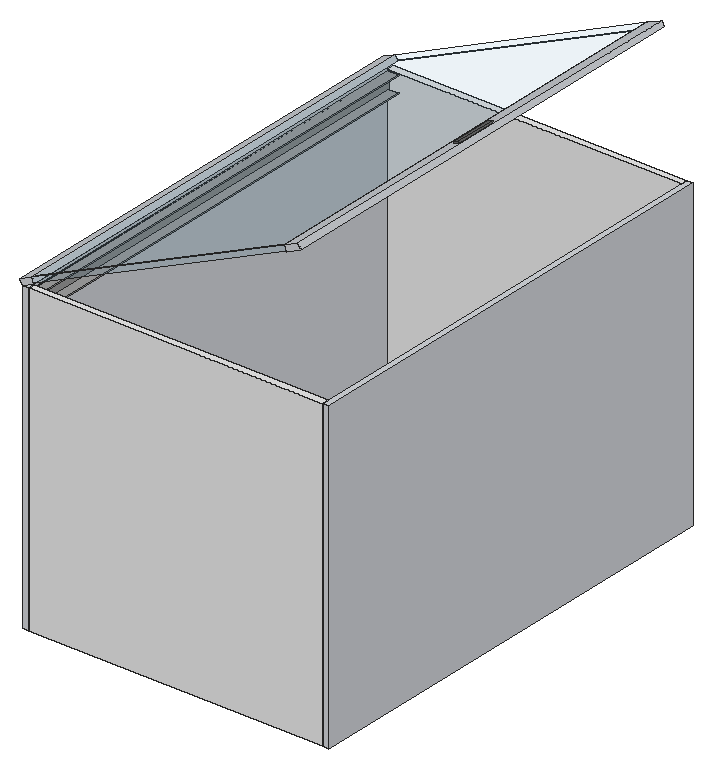
Revit family "Domotics-CablaggioStrutturato-GEWISS-QUADRI_PAVIMENTO_19_24U_P800", category Apparecchi elettrici, host Superficie, Revit 2019
Family settings
  Host = Superficie
  Mantenere orientamento annotazione = Sì
  Quota connettore circolare = Usa diametro
  Tipo di parte = Normale
  Numero OmniClass = 23.80.30.00
  Titolo OmniClass = Distribution Devices
  Taglio con vuoti quando caricato = No
  Condiviso = No
  Punto di calcolo locali = Sì
Parameters (values of type "GW38461 - ARMADIO DA PAVIMENTO 19 24U 800x800MM")
  simbolo in pianta [instance] = yes
  n_poli = 1
  barra din = yes
  Visibilità sportello [instance] = yes
  Versione file RFA = "21.2"
  UnitÃ  di cablaggio = "24 U"
  URL = "https://www.gewiss.com/it/it"
  Tipologia porta = "Reversibile"
  Scheda Tecnica = "https://www.gewiss.com/it/it/search?q=GW38461"
  SEO = "Armadio LAN"
  Prospetto di default = 900 mm
  ProfonditÃ  (mm) = "800 mm"
  Produttore = "GEWISS S.p.A."
  Portata statica = "1000KG"
  Nome quadro [instance] = "n.quadro"
  N. montanti = "4"
  Modello = "GW38461"
  Materiale = "Acciaio"
  Immagine tipo = C.jpg
  IDT = "4a81b2fef4e14150ba3faaee316000c9"
  IDF = "d9b98993-1b55-467b-890e-37d948b7999a"
  Grado di protezione = "IP20"
  Finitura = "Bucciata"
  Distanza_x [instance] = 300 mm
  Distanza simbolo [instance] = 0 mm
  Distanza effettiva x [instance] = 1000 mm - Distanza_x  # 700 mm
  Dim. esterne BxHxP (mm) = "800x1185x800"
  Descrizione = "ARMADIO DA PAVIMENTO 19 24U 800x800MM"
  Creato da GEWISS S.p.A. = ""
  Colore = "Grigio (RAL 7035)"
  Codice Electrocod = "3752"
  Categoria = "Armadio da pavimento 19\""
  Catalogo = "DOMOTICS"
  COBie.Tagnumber = ""
  COBie.CreatedOn = ""
  COBie.CreatebBy = ""
  COBie.ComponentRegisterItemID = ""
  COBie.Component.TagNumber = ""
  COBie.Component.Space = ""
  COBie.Component.SerialNumber = ""
  COBie.Component.InstallationDate = ""
  COBie.Component.Description = ""
  COBie.Component.BarCode = ""
  Apertura porta = "135°"
  Apertura [instance] = 25.00°
Reference planes
  plane 1 "Centro (Fronte/Retro)": y = 0
  plane 2: z = 0
  plane 3 "Centro (Sinistra/Destra)": x = 0
  plane 4: x = -1380.34
  plane 5: x = -680.34
Forms (mm)
  Extrusion 1, solid, detail levels coarse
    sketch origin (0, 0, 0) x (1, 0, 0) y (0, 1, 0)
      loop
        line (783.5, 0) -> (783.5, 1185) -> (-16.5, 1185) -> (-16.5, 0) -> (783.5, 0)
    from 0 to 600
Dimensions and locks
  plane 4 to plane 3 "Centro (Sinistra/Destra)" = 1380.34 mm
  "Distanza effettiva x": plane 4 to plane 5
  aligned and locked: host face to plane 2
  aligned and locked: host face to level
  aligned and locked: plane 1 "Centro (Fronte/Retro)" to nested 1
  aligned and locked: nested 2 to plane 5
  aligned and locked: Extrusion 1 sketch curve to nested 1  (x4)
  aligned and locked: plane 3 "Centro (Sinistra/Destra)" to nested 1
  aligned and locked: nested 1 to host face
Automatic sketch dimensions
  host sketch curve to host sketch curve = 3398.537 mm
  host sketch curve to host sketch curve = 3619.2 mm
Nested families
  nested 1: "DATACENTER ARMADIO PARETE 24U P800mm_base" at (-16.5, 0, 0), Apertura <- "Apertura", Sportello <- "Visibilità sportello", visible <- "Visibilità sportello", Barra din <- "barra din", Sportello visibile <- "Visibilità sportello", type "DATACENTER ARMADIO PARETE 24U P800mm_base", detail levels medium+fine
    with Sportello visibile yes, Sportello yes, Barra din yes, Apertura 25.00°
  nested 2: "DATACENTERsimbolo" at (-680.34, 911.19, 0), Distanza dal muro <- "Distanza simbolo", SIMBOLO ACCESO <- "simbolo in pianta", visible <- "simbolo in pianta", type "3P"
    with SIMBOLO ACCESO yes, Distanza dal muro 0 mm
Connectors
  electrical at (383.5, 592.5, 0), driven by "n_poli"
    settings: on nested 1, index 1, voltage 0 V, apparent load 0 VA, apparent load phase1 0 VA, apparent load phase2 0 VA, apparent load phase3 0 VA, power factor 1, load classification "Altro", number of poles 1, system type 31, power factor state 1, is connector primary yes, connector utility no, sub classification motor no, connector description ""
Definition of nested family "DATACENTER ARMADIO PARETE 24U P800mm_base"
  Parameters (values of type "DATACENTER ARMADIO PARETE 24U P800mm_base")
    Struttura = none
    Sportello_vetro = none
    Sportello visibile [instance] = yes
    Sportello lato = none
    Sportello [instance] = yes
    Profondità quadro = 800 mm  # constant formula
    L_quadro = 800 mm  # constant formula
    Barra din [instance] = yes
    Altezza quadro = 1185 mm  # constant formula
    Apertura [instance] = 32.00°
  Reference planes
    plane 1 "Centro (Fronte/Retro)": y = 0
    plane 2: z = 0
    plane 3 "Centro (Sinistra/Destra)": x = 0
    plane 4: x = 800
    plane 5: y = 1185
    plane 6: x = 16.5
    plane 7: y = 1168.5
    plane 8: y = 16.5
    plane 9: x = 783.5
    plane 10: z = 800
    plane 11: z = 16.5
    plane 12: x = 46.5
    plane 13: x = 18.5
    plane 14: z = 796
    plane 15: z = 751
    plane 16: z = 794
    plane 17: x = 20.5
    plane 18: z = 753
    plane 19: x = 44.5
    plane 20: z = 18.5
    plane 21: z = 63.5
    plane 22: z = 61.5
    plane 23: z = 20.5
  Forms (mm)
    Extrusion 1, solid, material <- "Struttura"
      sketch origin (0, 0, 0) x (1, 0, 0) y (0, 1, 0)
        loop
          line (16.5, 1168.5) -> (783.5, 1168.5) -> (783.5, 1185) -> (16.5, 1185) -> (16.5, 1168.5)
      from 0 to 800
    Extrusion 2, solid
      sketch origin (0, 0, 0) x (1, 0, 0) y (0, 1, 0)
        loop
          line (16.5, 1168.5) -> (16.5, 16.5) -> (783.5, 16.5) -> (783.5, 1168.5) -> (16.5, 1168.5)
      from 0 to 16.5
    Extrusion 3, solid
      sketch origin (458.466, 0, 1086.482) x (-0.848048, 0, -0.529919) y (0, -1, 0)
        loop
          line (-259.386, 0) -> (-259.386, -1185) -> (-220.759, -1185) -> (-220.759, 0) -> (-259.386, 0)
        loop
          line (540.614, -1185) -> (540.614, 0) -> (506.604, 0) -> (506.604, -1185) -> (540.614, -1185)
      from 0 to 15
    Extrusion 4, solid, material <- "Sportello_vetro", visible <- "Sportello visibile"
      sketch origin (458.466, 0, 1086.482) x (-0.848048, 0, -0.529919) y (0, -1, 0)
        loop
          line (506.604, 0) -> (-220.759, 0) -> (-220.759, -1185) -> (506.604, -1185) -> (506.604, 0)
      from 0 to 15
    Extrusion 5, solid
      sketch origin (0, 0, 0) x (1, 0, 0) y (0, 1, 0)
        loop
          line (0, 1185) -> (0, 0) -> (16.5, 0) -> (16.5, 1185) -> (0, 1185)
        loop
          line (800, 0) -> (800, 1185) -> (783.5, 1185) -> (783.5, 0) -> (800, 0)
      from 0 to 800
    Extrusion 6, solid, material <- "Struttura"
      sketch origin (0, 400, 0) x (1, 0, 0) y (0, 1, 0)
        loop
          line (16.5, -383.5) -> (16.5, -400) -> (783.5, -400) -> (783.5, -383.5) -> (16.5, -383.5)
      from 0 to 800
    Extrusion 7, solid
      sketch origin (458.466, 0, 1086.482) x (-0.848048, 0, -0.529919) y (0, -1, 0)
        loop
          line (-234.386, -647.5) -> (-234.386, -537.5) -> (-249.386, -537.5) -> (-249.386, -647.5) -> (-234.386, -647.5)
      from 2.698 to 17.686
    Extrusion 8, solid, visible <- "Barra din"
      sketch origin (0, 0, 0) x (1, 0, 0) y (0, 0, 1)
        loop
          line (46.5, 796) -> (18.5, 796) -> (18.5, 751) -> (46.5, 751) -> (46.5, 753) -> (20.5, 753) -> (20.5, 794) -> (46.5, 794) -> (46.5, 796)
      from -1168.5 to -16.5
    Extrusion 9, solid, visible <- "Barra din"
      sketch origin (0, 0, 600) x (1, 0, 0) y (0, 0, 1)
        loop
          line (46.5, -581.5) -> (46.5, -579.5) -> (20.5, -579.5) -> (20.5, -538.5) -> (46.5, -538.5) -> (46.5, -536.5) -> (18.5, -536.5) -> (18.5, -581.5) -> (46.5, -581.5)
      from -1168.5 to -16.5
  Lines and regions (mm)
    reference lines
      curve 1: line (458.466, 0, 1086.482) -> (0, 0, 800)
  Dimensions and locks
    "L_quadro": plane 3 "Centro (Sinistra/Destra)" to plane 4
    "Altezza quadro": plane 1 "Centro (Fronte/Retro)" to plane 5
    locked: plane 5 to plane 7 at 16.5
    locked: plane 9 to plane 4 at 16.5
    locked: plane 3 "Centro (Sinistra/Destra)" to plane 6 at 16.5
    locked: plane 1 "Centro (Fronte/Retro)" to plane 8 at 16.5
    "Profondità quadro": plane 10 to plane 2
    locked: plane 11 to level at 16.5
    locked: plane 6 to plane 12 at 30
    locked: Extrusion 3 sketch curve to Extrusion 3 sketch curve at 38.628
    locked: Extrusion 3 sketch curve to Extrusion 3 sketch curve at 34.009
    "L_quadro": Extrusion 3 sketch curve to Extrusion 3 sketch curve
    "Altezza quadro": Extrusion 3 sketch curve to Extrusion 3 sketch curve  (x2)
    "Altezza quadro": Extrusion 4 sketch curve to Extrusion 4 sketch curve
    Extrusion 7 sketch curve to Extrusion 7 sketch curve = 15 mm
    Extrusion 3 to Extrusion 3 = 1185 mm
    locked: plane 13 to plane 6 at 2
    locked: plane 10 to plane 14 at 4
    locked: plane 14 to plane 16 at 2
    locked: plane 18 to plane 15 at 2
    locked: plane 14 to plane 15 at 45
    locked: plane 23 to plane 20 at 2
    "Apertura": angle plane 10 to curve 1
    aligned and locked: level to plane 2
    aligned and locked: Extrusion 1 sketch curve to plane 7
    aligned and locked: Extrusion 1 sketch curve to plane 5
    aligned and locked: Extrusion 1 sketch curve to plane 6
    aligned and locked: Extrusion 1 sketch curve to plane 9
    aligned and locked: plane 10 to Extrusion 1
    aligned and locked: Extrusion 2 sketch curve to plane 6
    aligned and locked: Extrusion 2 sketch curve to plane 7
    aligned and locked: Extrusion 2 sketch curve to plane 9
    aligned and locked: Extrusion 2 sketch curve to plane 8
    aligned and locked: plane 11 to Extrusion 2
    aligned and locked: curve 1 to Extrusion 1
    aligned and locked: plane 10 to curve 1
    aligned and locked: Extrusion 3 sketch curve to plane 5
    aligned and locked: Extrusion 3 sketch curve to plane 1 "Centro (Fronte/Retro)"
    aligned and locked: Extrusion 4 sketch curve to curve 1
    aligned and locked: Extrusion 4 sketch curve to Extrusion 3  (x2)
    aligned and locked: Extrusion 5 sketch curve to plane 3 "Centro (Sinistra/Destra)"
    aligned and locked: Extrusion 5 sketch curve to plane 6
    aligned and locked: Extrusion 5 sketch curve to plane 4
    aligned and locked: Extrusion 5 sketch curve to plane 9
    aligned and locked: Extrusion 5 sketch curve to plane 5
    aligned and locked: Extrusion 5 sketch curve to plane 1 "Centro (Fronte/Retro)"
    aligned and locked: plane 10 to Extrusion 5
    aligned and locked: plane 8 to Extrusion 6 sketch curve
    aligned and locked: plane 1 "Centro (Fronte/Retro)" to Extrusion 6 sketch curve
    aligned and locked: plane 9 to Extrusion 6 sketch curve
    aligned and locked: plane 6 to Extrusion 6 sketch curve
    aligned and locked: Extrusion 8 sketch curve to plane 14
    aligned and locked: Extrusion 8 sketch curve to plane 13
    aligned and locked: Extrusion 8 sketch curve to plane 15
    aligned and locked: Extrusion 8 sketch curve to plane 18
    aligned and locked: Extrusion 8 sketch curve to plane 17
    aligned and locked: Extrusion 8 sketch curve to plane 12
    aligned and locked: Extrusion 8 sketch curve to plane 16
    aligned and locked: Extrusion 8 to Extrusion 1
    aligned and locked: Extrusion 8 to Extrusion 6
    aligned and locked: plane 21 to Extrusion 9 sketch curve
    aligned and locked: plane 22 to Extrusion 9 sketch curve
    aligned and locked: plane 23 to Extrusion 9 sketch curve
    aligned and locked: plane 20 to Extrusion 9 sketch curve
    aligned and locked: plane 17 to Extrusion 9 sketch curve
    aligned and locked: plane 13 to Extrusion 9 sketch curve
    aligned and locked: Extrusion 2 to Extrusion 9
    aligned and locked: Extrusion 9 to Extrusion 1
    aligned and locked: Extrusion 6 to Extrusion 1
  Automatic sketch dimensions
    plane 1 "Centro (Fronte/Retro)" to Extrusion 5 sketch curve = 0 mm
    Extrusion 5 sketch curve to plane 5 = 0 mm
    Extrusion 8 sketch curve to plane 12 = 0 mm
    Extrusion 9 sketch curve to plane 12 = 0 mm  (x2)
    Extrusion 7 sketch curve to curve 1 = 249.386 mm
    Extrusion 7 sketch curve to Extrusion 7 sketch curve = 15 mm
    Extrusion 7 sketch curve to curve 1 = 647.5 mm
    Extrusion 7 sketch curve to Extrusion 7 sketch curve = 110 mm
    curve 1 to plane 3 "Centro (Sinistra/Destra)" = 0 mm
    Extrusion 3 sketch curve to curve 1 = 0 mm
Definition of nested family "DATACENTERsimbolo"
  Parameters (values of type "3P")
    SIMBOLO ACCESO [instance] = yes
    Distanza dal muro [instance] = 0 mm
  Reference planes
    plane 1: y = 0
    plane 2: x = 0
  Dimensions and locks
    "Distanza dal muro": plane 1 to nested 1
    aligned and locked: plane 2 to nested 1
  Nested families
    nested 1: "DATACENTERsimbolo.base" at (0, 0, 0), type "3P"
      with CORNICE SIMBOLO yes
  Definition of nested family "DATACENTERsimbolo.base"
    Parameters (values of type "3P")
      Testo = ""
      CORNICE SIMBOLO [instance] = yes
      3P = yes
    Reference planes
      plane 1: y = 0
      plane 2: x = 0
    Lines and regions (mm)
      detail lines
        curve 1: line (6.852, 3.426, 0) -> (8.859, 3.426, 0)
        curve 2: line (8.859, 3.426, 0) -> (8.859, 0, 0)
        curve 3: line (8.859, 0, 0) -> (6.852, 0, 0)
        curve 4: line (6.852, 0, 0) -> (0, 3.426, 0)
        curve 5: line (0, 3.426, 0) -> (3.027, 3.426, 0)
        curve 6: line (3.027, 3.426, 0) -> (6.852, 3.426, 0)
        curve 7: line (6.852, 3.426, 0) -> (6.852, 0, 0)
        curve 8: line (6.852, 0, 0) -> (0, 0, 0)
        curve 9: line (0, 0, 0) -> (0, 3.426, 0)
        curve 10: line (7.856, 1.713, 0) -> (7.856, 2.67, 0)
        curve 11: line (8.526, 0.756, 0) -> (8.526, 1.713, 0)
        curve 12: line (8.526, 1.713, 0) -> (7.185, 1.713, 0)
        curve 13: line (7.185, 1.713, 0) -> (7.185, 0.756, 0)
    Text (mm)
      label "RJ" at (7.87, 1.29, 0), shows "Testo"
    Nested families
      nested 1: "testo_simb" at (7.89, 1.134, 0), type "3P"
        with SIMBOLO ACCESO yes, Distanza dal muro 0 mm
      nested 2: "testo_simb" at (7.855, 0, 0), type "3P"
        with SIMBOLO ACCESO yes, Distanza dal muro 0 mm
      nested 3: "testo_simb" at (7.855, 0, 0), type "3P"
        with SIMBOLO ACCESO yes, Distanza dal muro 0 mm
      nested 4: "testo_simb" at (7.855, 0, 0), type "3P"
        with SIMBOLO ACCESO yes, Distanza dal muro 0 mm
      nested 5: "testo_simb" at (7.855, 0, 0), type "3P"
        with SIMBOLO ACCESO yes, Distanza dal muro 0 mm
    Definition of nested family "testo_simb"
      Parameters (values of type "3P")
        testo simb = ""
        SIMBOLO ACCESO [instance] = yes
        Distanza dal muro [instance] = 0 mm
      Reference planes
        plane 1: y = 0
        plane 2: x = 0
      Text (mm)
        label "RJ" at (0.02, 0.123, 0), shows "testo simb"
